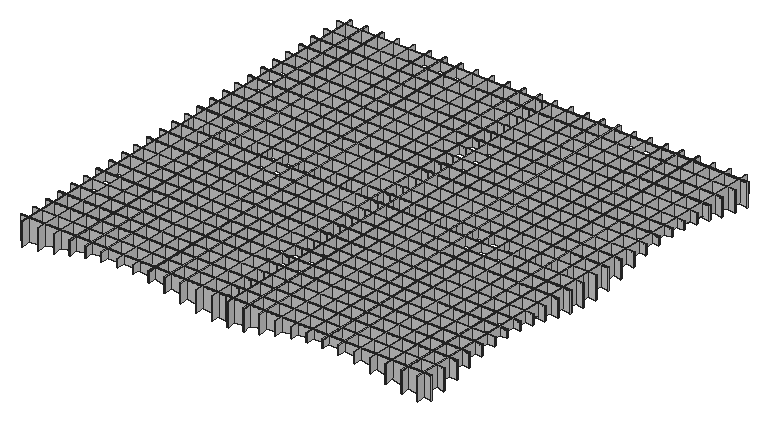
Revit family "CLD-WFL-002_RFA", category Modelos genéricos, Revit 2022 (continued)
Forms (in)
  Extrusion 348, solid
    sketch origin (161.76378, 108, 0) x (0, -1, 0) y (0, 0, 1)
      loop
        spline (29.30922, 3.22908) -> (29.95995, 3.06408) -> (30.61094, 2.90045) -> (31.26223, 2.73848) -> (31.91387, 2.57847) -> (32.56591, 2.42072) -> (33.21841, 2.26553) -> (33.87141, 2.1132) -> (34.52497, 1.96402) -> (35.17914, 1.81831) -> (35.83396, 1.67635) -> (36.48949, 1.53845) -> (37.14578, 1.4049)
        spline (37.14578, 1.4049) -> (37.87194, 1.26645) -> (38.59907, 1.13361) -> (39.32723, 1.00672) -> (40.05647, 0.88609) -> (40.78684, 0.772) -> (41.51831, 0.66448) -> (42.25083, 0.56343) -> (42.98434, 0.46874) -> (43.71879, 0.38032) -> (44.45413, 0.29806) -> (45.19029, 0.22187) -> (45.92722, 0.15163)
        spline (45.92722, 0.15163) -> (46.57816, 0.09849) -> (47.22964, 0.0503) -> (47.88162, 0.00698) -> (48.53404, -0.03156) -> (49.18687, -0.06541) -> (49.84004, -0.09465) -> (50.49352, -0.11938) -> (51.14725, -0.13967) -> (51.80119, -0.15563) -> (52.45529, -0.16732) -> (53.1095, -0.17485) -> (53.76378, -0.1783)
        spline (53.76378, -0.1783) -> (54.49695, -0.17427) -> (55.23005, -0.16567) -> (55.96302, -0.1524) -> (56.69581, -0.13436) -> (57.42837, -0.11145) -> (58.16064, -0.08358) -> (58.89257, -0.05065) -> (59.6241, -0.01255) -> (60.35519, 0.0308) -> (61.08577, 0.07951) -> (61.8158, 0.13367) -> (62.54522, 0.19339)
        spline (62.54522, 0.19339) -> (63.20286, 0.25606) -> (63.85981, 0.32405) -> (64.51602, 0.39745) -> (65.17144, 0.47635) -> (65.82603, 0.56084) -> (66.47973, 0.65101) -> (67.1325, 0.74696) -> (67.78428, 0.84876) -> (68.43505, 0.95641) -> (69.08486, 1.06964) -> (69.73376, 1.18818) -> (70.38178, 1.31173)
        spline (70.38178, 1.31173) -> (71.11718, 1.46086) -> (71.85174, 1.61486) -> (72.58551, 1.77342) -> (73.31855, 1.93618) -> (74.05091, 2.10281) -> (74.78265, 2.27299) -> (75.51382, 2.44637) -> (76.24449, 2.62262) -> (76.97471, 2.8014) -> (77.70453, 2.98238) -> (78.43402, 3.16522) -> (79.16322, 3.34958)
        spline (79.16322, 3.34958) -> (79.81589, 3.5168) -> (80.46845, 3.68457) -> (81.12094, 3.85259) -> (81.77342, 4.02055) -> (82.42595, 4.18815) -> (83.07858, 4.35509) -> (83.73137, 4.52107) -> (84.38439, 4.68578) -> (85.03768, 4.84892) -> (85.6913, 5.01019) -> (86.34531, 5.16929) -> (86.99978, 5.32592)
        spline (86.99978, 5.32592) -> (87.72678, 5.49371) -> (88.45445, 5.65788) -> (89.18284, 5.8181) -> (89.91202, 5.97405) -> (90.64205, 6.12539) -> (91.37299, 6.27179) -> (92.10491, 6.41294) -> (92.83786, 6.54849) -> (93.57191, 6.67812) -> (94.30713, 6.8015) -> (95.04356, 6.9183) -> (95.78122, 7.02841)
        spline (95.78122, 7.02841) -> (96.43065, 7.11563) -> (97.08095, 7.1973) -> (97.73207, 7.2735) -> (98.38393, 7.34432) -> (99.03648, 7.40985) -> (99.68963, 7.47018) -> (100.34334, 7.52539) -> (100.99753, 7.57558) -> (101.65213, 7.62083) -> (102.30709, 7.66123) -> (102.96233, 7.69687) -> (103.61778, 7.72784)
        spline (103.61778, 7.72784) -> (103.98301, 7.74223) -> (104.34826, 7.75539) -> (104.71352, 7.76731) -> (105.07879, 7.77803) -> (105.44406, 7.78753) -> (105.80931, 7.79585) -> (106.17453, 7.80299) -> (106.53973, 7.80897) -> (106.90488, 7.81379) -> (107.26998, 7.81746) -> (107.63503, 7.82001) -> (108, 7.82144)
        line (108, 7.82144) -> (108, 11.82144)
    from -0.47244 to 0
  Extrusion 349, solid
    sketch origin (162.23622, 108, 0) x (0, -1, 0) y (0, 0, 1)
      loop
        line (108, 11.82144) -> (0, 11.82144) -> (0, 7.82144)
        spline (0, 7.82144) -> (0.32561, 7.82095) -> (0.65129, 7.81946) -> (0.97702, 7.81696) -> (1.3028, 7.81344) -> (1.62862, 7.80889) -> (1.95447, 7.8033) -> (2.28035, 7.79666) -> (2.60624, 7.78896) -> (2.93213, 7.78018) -> (3.25803, 7.77032) -> (3.58391, 7.75937) -> (3.90978, 7.74731)
        spline (3.90978, 7.74731) -> (4.64427, 7.71242) -> (5.37852, 7.6723) -> (6.11245, 7.62684) -> (6.84598, 7.57595) -> (7.57905, 7.51952) -> (8.31158, 7.45747) -> (9.04349, 7.38968) -> (9.77471, 7.31607) -> (10.50517, 7.23653) -> (11.23479, 7.15095) -> (11.9635, 7.05926) -> (12.69122, 6.96133)
        spline (12.69122, 6.96133) -> (13.34952, 6.86267) -> (14.00673, 6.75803) -> (14.66285, 6.64752) -> (15.31792, 6.53144) -> (15.97202, 6.41007) -> (16.62518, 6.28371) -> (17.27747, 6.15266) -> (17.92894, 6.0172) -> (18.57965, 5.87763) -> (19.22966, 5.73424) -> (19.87902, 5.58733) -> (20.52778, 5.43719)
        spline (20.52778, 5.43719) -> (21.26115, 5.26223) -> (21.99402, 5.08449) -> (22.72645, 4.90432) -> (23.4585, 4.72204) -> (24.19025, 4.53802) -> (24.92176, 4.35257) -> (25.65308, 4.16604) -> (26.38429, 3.97878) -> (27.11545, 3.79111) -> (27.84661, 3.60337) -> (28.57785, 3.41592) -> (29.30922, 3.22908)
        spline (29.30922, 3.22908) -> (29.95995, 3.06408) -> (30.61094, 2.90045) -> (31.26223, 2.73848) -> (31.91387, 2.57847) -> (32.56591, 2.42072) -> (33.21841, 2.26553) -> (33.87141, 2.1132) -> (34.52497, 1.96402) -> (35.17914, 1.81831) -> (35.83396, 1.67635) -> (36.48949, 1.53845) -> (37.14578, 1.4049)
        spline (37.14578, 1.4049) -> (37.87194, 1.26645) -> (38.59907, 1.13361) -> (39.32723, 1.00672) -> (40.05647, 0.88609) -> (40.78684, 0.772) -> (41.51831, 0.66448) -> (42.25083, 0.56343) -> (42.98434, 0.46874) -> (43.71879, 0.38032) -> (44.45413, 0.29806) -> (45.19029, 0.22187) -> (45.92722, 0.15163)
        spline (45.92722, 0.15163) -> (46.57816, 0.09849) -> (47.22964, 0.0503) -> (47.88162, 0.00698) -> (48.53404, -0.03156) -> (49.18687, -0.06541) -> (49.84004, -0.09465) -> (50.49352, -0.11938) -> (51.14725, -0.13967) -> (51.80119, -0.15563) -> (52.45529, -0.16732) -> (53.1095, -0.17485) -> (53.76378, -0.1783)
        spline (53.76378, -0.1783) -> (54.49695, -0.17427) -> (55.23005, -0.16567) -> (55.96302, -0.1524) -> (56.69581, -0.13436) -> (57.42837, -0.11145) -> (58.16064, -0.08358) -> (58.89257, -0.05065) -> (59.6241, -0.01255) -> (60.35519, 0.0308) -> (61.08577, 0.07951) -> (61.8158, 0.13367) -> (62.54522, 0.19339)
        spline (62.54522, 0.19339) -> (63.20286, 0.25606) -> (63.85981, 0.32405) -> (64.51602, 0.39745) -> (65.17144, 0.47635) -> (65.82603, 0.56084) -> (66.47973, 0.65101) -> (67.1325, 0.74696) -> (67.78428, 0.84876) -> (68.43505, 0.95641) -> (69.08486, 1.06964) -> (69.73376, 1.18818) -> (70.38178, 1.31173)
        spline (70.38178, 1.31173) -> (71.11718, 1.46086) -> (71.85174, 1.61486) -> (72.58551, 1.77342) -> (73.31855, 1.93618) -> (74.05091, 2.10281) -> (74.78265, 2.27299) -> (75.51382, 2.44637) -> (76.24449, 2.62262) -> (76.97471, 2.8014) -> (77.70453, 2.98238) -> (78.43402, 3.16522) -> (79.16322, 3.34958)
        spline (79.16322, 3.34958) -> (79.81589, 3.5168) -> (80.46845, 3.68457) -> (81.12094, 3.85259) -> (81.77342, 4.02055) -> (82.42595, 4.18815) -> (83.07858, 4.35509) -> (83.73137, 4.52107) -> (84.38439, 4.68578) -> (85.03768, 4.84892) -> (85.6913, 5.01019) -> (86.34531, 5.16929) -> (86.99978, 5.32592)
        spline (86.99978, 5.32592) -> (87.72678, 5.49371) -> (88.45445, 5.65788) -> (89.18284, 5.8181) -> (89.91202, 5.97405) -> (90.64205, 6.12539) -> (91.37299, 6.27179) -> (92.10491, 6.41294) -> (92.83786, 6.54849) -> (93.57191, 6.67812) -> (94.30713, 6.8015) -> (95.04356, 6.9183) -> (95.78122, 7.02841)
        spline (95.78122, 7.02841) -> (96.43065, 7.11563) -> (97.08095, 7.1973) -> (97.73207, 7.2735) -> (98.38393, 7.34432) -> (99.03648, 7.40985) -> (99.68963, 7.47018) -> (100.34334, 7.52539) -> (100.99753, 7.57558) -> (101.65213, 7.62083) -> (102.30709, 7.66123) -> (102.96233, 7.69687) -> (103.61778, 7.72784)
        spline (103.61778, 7.72784) -> (103.98301, 7.74223) -> (104.34826, 7.75539) -> (104.71352, 7.76731) -> (105.07879, 7.77803) -> (105.44406, 7.78753) -> (105.80931, 7.79585) -> (106.17453, 7.80299) -> (106.53973, 7.80897) -> (106.90488, 7.81379) -> (107.26998, 7.81746) -> (107.63503, 7.82001) -> (108, 7.82144)
        line (108, 7.82144) -> (108, 11.82144)
    from -0.11811 to 0
  Extrusion 350, solid
    sketch origin (153.92722, 108, 0) x (0, -1, 0) y (0, 0, 1)
      loop
        line (108, 11.82144) -> (0, 11.82144) -> (0, 7.49745)
        spline (0, 7.49745) -> (0.32561, 7.50061) -> (0.65129, 7.5028) -> (0.97702, 7.504) -> (1.3028, 7.50421) -> (1.62862, 7.5034) -> (1.95447, 7.50158) -> (2.28035, 7.49874) -> (2.60624, 7.49485) -> (2.93213, 7.48991) -> (3.25803, 7.48392) -> (3.58391, 7.47685) -> (3.90978, 7.46871)
        spline (3.90978, 7.46871) -> (4.64427, 7.44283) -> (5.37852, 7.41184) -> (6.11245, 7.37564) -> (6.84598, 7.33415) -> (7.57905, 7.28726) -> (8.31158, 7.23488) -> (9.04349, 7.17692) -> (9.77471, 7.11327) -> (10.50517, 7.04386) -> (11.23479, 6.96857) -> (11.9635, 6.88732) -> (12.69122, 6.80001)
        spline (12.69122, 6.80001) -> (13.34456, 6.71191) -> (13.99682, 6.61804) -> (14.64799, 6.5185) -> (15.29813, 6.41358) -> (15.94729, 6.30354) -> (16.59553, 6.18867) -> (17.2429, 6.06925) -> (17.88946, 5.94556) -> (18.53527, 5.81787) -> (19.18038, 5.68647) -> (19.82484, 5.55162) -> (20.46871, 5.41362)
        spline (20.46871, 5.41362) -> (21.20701, 5.25043) -> (21.94481, 5.08446) -> (22.68216, 4.91603) -> (23.41914, 4.74548) -> (24.15581, 4.57314) -> (24.89224, 4.39932) -> (25.62848, 4.22436) -> (26.36461, 4.04857) -> (27.10068, 3.8723) -> (27.83677, 3.69586) -> (28.57293, 3.51959) -> (29.30922, 3.3438)
        spline (29.30922, 3.3438) -> (29.95995, 3.18922) -> (30.61094, 3.03586) -> (31.26223, 2.884) -> (31.91387, 2.73392) -> (32.56591, 2.58591) -> (33.21841, 2.44027) -> (33.87141, 2.29726) -> (34.52497, 2.15719) -> (35.17914, 2.02034) -> (35.83396, 1.88699) -> (36.48949, 1.75744) -> (37.14578, 1.63196)
        spline (37.14578, 1.63196) -> (37.87194, 1.50186) -> (38.59907, 1.37703) -> (39.32723, 1.25779) -> (40.05647, 1.14445) -> (40.78684, 1.03728) -> (41.51831, 0.93629) -> (42.25083, 0.84139) -> (42.98434, 0.75249) -> (43.71879, 0.66948) -> (44.45413, 0.59228) -> (45.19029, 0.52078) -> (45.92722, 0.45488)
        spline (45.92722, 0.45488) -> (46.57816, 0.40504) -> (47.22964, 0.35985) -> (47.88162, 0.31924) -> (48.53404, 0.28312) -> (49.18687, 0.2514) -> (49.84004, 0.224) -> (50.49352, 0.20084) -> (51.14725, 0.18183) -> (51.80119, 0.1669) -> (52.45529, 0.15595) -> (53.1095, 0.14891) -> (53.76378, 0.14568)
        spline (53.76378, 0.14568) -> (54.49695, 0.14945) -> (55.23005, 0.1575) -> (55.96302, 0.16993) -> (56.69581, 0.18682) -> (57.42837, 0.20828) -> (58.16064, 0.23439) -> (58.89257, 0.26525) -> (59.6241, 0.30095) -> (60.35518, 0.34158) -> (61.08577, 0.38725) -> (61.8158, 0.43804) -> (62.54522, 0.49405)
        spline (62.54522, 0.49405) -> (63.20286, 0.55285) -> (63.85981, 0.61666) -> (64.51602, 0.68555) -> (65.17144, 0.75961) -> (65.82603, 0.83894) -> (66.47973, 0.92362) -> (67.1325, 1.01374) -> (67.78428, 1.10938) -> (68.43505, 1.21052) -> (69.08486, 1.31692) -> (69.73376, 1.42831) -> (70.38178, 1.54441)
        spline (70.38178, 1.54441) -> (71.11719, 1.68452) -> (71.85174, 1.82919) -> (72.58551, 1.97812) -> (73.31855, 2.13097) -> (74.05091, 2.28743) -> (74.78265, 2.44718) -> (75.51383, 2.60988) -> (76.24449, 2.77524) -> (76.97471, 2.94291) -> (77.70453, 3.11258) -> (78.43402, 3.28394) -> (79.16322, 3.45665)
        spline (79.16322, 3.45665) -> (79.81589, 3.61318) -> (80.46845, 3.77015) -> (81.12094, 3.92726) -> (81.77342, 4.08422) -> (82.42595, 4.24075) -> (83.07858, 4.39655) -> (83.73137, 4.55134) -> (84.38439, 4.70482) -> (85.03768, 4.85671) -> (85.6913, 5.00672) -> (86.34531, 5.15455) -> (86.99978, 5.29992)
        spline (86.99978, 5.29992) -> (87.72678, 5.4553) -> (88.45445, 5.60712) -> (89.18284, 5.75506) -> (89.91202, 5.8988) -> (90.64204, 6.03803) -> (91.37299, 6.17243) -> (92.1049, 6.3017) -> (92.83786, 6.42551) -> (93.57191, 6.54354) -> (94.30712, 6.6555) -> (95.04356, 6.76106) -> (95.78122, 6.8601)
        spline (95.78122, 6.8601) -> (96.43065, 6.93786) -> (97.08095, 7.01021) -> (97.73207, 7.07724) -> (98.38393, 7.13903) -> (99.03648, 7.19567) -> (99.68963, 7.24723) -> (100.34334, 7.29382) -> (100.99753, 7.33551) -> (101.65213, 7.37238) -> (102.30709, 7.40452) -> (102.96233, 7.43202) -> (103.61778, 7.45496)
        spline (103.61778, 7.45496) -> (103.98301, 7.46494) -> (104.34826, 7.47372) -> (104.71353, 7.4813) -> (105.0788, 7.48768) -> (105.44406, 7.4929) -> (105.80931, 7.49695) -> (106.17454, 7.49984) -> (106.53973, 7.5016) -> (106.90488, 7.50223) -> (107.26998, 7.50173) -> (107.63503, 7.50014) -> (108, 7.49745)
        line (108, 7.49745) -> (108, 11.82144)
    from -0.11811 to 0
  Extrusion 351, solid
    sketch origin (145.61822, 108, 0) x (0, -1, 0) y (0, 0, 1)
      loop
        line (108, 11.82144) -> (0, 11.82144) -> (0, 6.40455)
        spline (0, 6.40455) -> (0.32561, 6.42139) -> (0.65129, 6.43729) -> (0.97702, 6.45226) -> (1.3028, 6.46628) -> (1.62862, 6.47935) -> (1.95447, 6.49146) -> (2.28035, 6.50259) -> (2.60624, 6.51274) -> (2.93213, 6.52189) -> (3.25803, 6.53005) -> (3.58391, 6.5372) -> (3.90978, 6.54334)
        spline (3.90978, 6.54334) -> (4.64427, 6.55011) -> (5.37852, 6.55208) -> (6.11244, 6.54917) -> (6.84598, 6.5413) -> (7.57905, 6.52839) -> (8.31157, 6.51035) -> (9.04349, 6.4871) -> (9.77471, 6.45856) -> (10.50517, 6.42465) -> (11.23479, 6.38528) -> (11.9635, 6.34038) -> (12.69122, 6.28985)
        spline (12.69122, 6.28985) -> (13.34952, 6.23514) -> (14.00673, 6.17505) -> (14.66285, 6.10968) -> (15.31792, 6.03926) -> (15.97202, 5.96405) -> (16.62518, 5.88427) -> (17.27747, 5.80017) -> (17.92894, 5.712) -> (18.57965, 5.62) -> (19.22966, 5.52441) -> (19.87902, 5.42547) -> (20.52778, 5.32343)
        spline (20.52778, 5.32343) -> (21.26115, 5.20293) -> (21.99402, 5.07965) -> (22.72645, 4.95385) -> (23.4585, 4.82583) -> (24.19025, 4.69586) -> (24.92176, 4.56423) -> (25.65308, 4.43121) -> (26.38429, 4.29709) -> (27.11544, 4.16214) -> (27.84661, 4.02665) -> (28.57785, 3.8909) -> (29.30922, 3.75516)
        spline (29.30922, 3.75516) -> (29.95995, 3.63466) -> (30.61094, 3.51485) -> (31.26223, 3.39599) -> (31.91387, 3.2783) -> (32.56591, 3.16206) -> (33.21841, 3.04749) -> (33.87141, 2.93486) -> (34.52497, 2.8244) -> (35.17914, 2.71637) -> (35.83396, 2.61101) -> (36.48949, 2.50857) -> (37.14578, 2.4093)
        spline (37.14578, 2.4093) -> (37.87194, 2.30632) -> (38.59907, 2.20751) -> (39.32723, 2.11315) -> (40.05647, 2.02349) -> (40.78684, 1.93878) -> (41.51831, 1.85902) -> (42.25083, 1.78415) -> (42.98434, 1.71406) -> (43.71879, 1.64869) -> (44.45413, 1.58794) -> (45.19029, 1.53174) -> (45.92722, 1.47999)
        spline (45.92722, 1.47999) -> (46.57816, 1.44092) -> (47.22964, 1.40553) -> (47.88162, 1.37376) -> (48.53404, 1.34552) -> (49.18687, 1.32076) -> (49.84004, 1.2994) -> (50.49352, 1.28136) -> (51.14725, 1.26658) -> (51.80119, 1.25497) -> (52.45529, 1.24648) -> (53.1095, 1.24101) -> (53.76378, 1.23852)
        spline (53.76378, 1.23852) -> (54.49695, 1.24145) -> (55.23005, 1.2477) -> (55.96302, 1.25736) -> (56.69581, 1.2705) -> (57.42836, 1.2872) -> (58.16063, 1.30755) -> (58.89256, 1.33163) -> (59.62409, 1.35951) -> (60.35518, 1.39128) -> (61.08577, 1.42702) -> (61.8158, 1.46681) -> (62.54522, 1.51073)
        spline (62.54522, 1.51073) -> (63.20286, 1.5569) -> (63.85981, 1.60706) -> (64.51602, 1.66127) -> (65.17144, 1.7196) -> (65.82603, 1.78214) -> (66.47973, 1.84896) -> (67.1325, 1.92013) -> (67.78428, 1.99572) -> (68.43505, 2.07573) -> (69.08486, 2.15994) -> (69.73376, 2.24811) -> (70.38178, 2.34001)
        spline (70.38178, 2.34001) -> (71.11719, 2.45082) -> (71.85175, 2.56518) -> (72.58552, 2.6828) -> (73.31856, 2.80343) -> (74.05092, 2.92677) -> (74.78266, 3.05256) -> (75.51384, 3.1805) -> (76.2445, 3.31033) -> (76.97472, 3.44177) -> (77.70454, 3.57454) -> (78.43402, 3.70836) -> (79.16322, 3.84296)
        spline (79.16322, 3.84296) -> (79.81589, 3.96449) -> (80.46845, 4.08604) -> (81.12094, 4.20735) -> (81.77342, 4.32817) -> (82.42595, 4.44826) -> (83.07858, 4.56736) -> (83.73137, 4.68523) -> (84.38439, 4.80161) -> (85.03768, 4.91625) -> (85.6913, 5.02891) -> (86.34531, 5.13933) -> (86.99978, 5.24726)
        spline (86.99978, 5.24726) -> (87.72678, 5.36123) -> (88.45444, 5.47173) -> (89.18283, 5.57848) -> (89.91201, 5.68121) -> (90.64203, 5.77964) -> (91.37298, 5.87351) -> (92.10489, 5.96254) -> (92.83785, 6.04646) -> (93.5719, 6.125) -> (94.30712, 6.19789) -> (95.04356, 6.26486) -> (95.78122, 6.32579)
        spline (95.78122, 6.32579) -> (96.46987, 6.37175) -> (97.15943, 6.41238) -> (97.84985, 6.44778) -> (98.54104, 6.47801) -> (99.23294, 6.50316) -> (99.92548, 6.5233) -> (100.61859, 6.53851) -> (101.3122, 6.54886) -> (102.00624, 6.55445) -> (102.70063, 6.55534) -> (103.39532, 6.55161) -> (104.09022, 6.54334)
        spline (104.09022, 6.54334) -> (104.41609, 6.5372) -> (104.74197, 6.53005) -> (105.06787, 6.52189) -> (105.39376, 6.51274) -> (105.71965, 6.50259) -> (106.04553, 6.49146) -> (106.37138, 6.47935) -> (106.6972, 6.46628) -> (107.02298, 6.45226) -> (107.34871, 6.43729) -> (107.67439, 6.42139) -> (108, 6.40455)
        line (108, 6.40455) -> (108, 11.82144)
    from -0.11811 to 0
  Extrusion 352, solid
    sketch origin (137.30922, 108, 0) x (0, -1, 0) y (0, 0, 1)
      loop
        line (108, 11.82144) -> (0, 11.82144) -> (0, 4.58891)
        spline (0, 4.58891) -> (0.32561, 4.62796) -> (0.65129, 4.66617) -> (0.97702, 4.70353) -> (1.3028, 4.74004) -> (1.62862, 4.77569) -> (1.95447, 4.81048) -> (2.28035, 4.84439) -> (2.60624, 4.87743) -> (2.93213, 4.90957) -> (3.25803, 4.94083) -> (3.58391, 4.97119) -> (3.90978, 5.00064)
        spline (3.90978, 5.00064) -> (4.64427, 5.06081) -> (5.37851, 5.11675) -> (6.11244, 5.16838) -> (6.84597, 5.21566) -> (7.57904, 5.25851) -> (8.31157, 5.29688) -> (9.04348, 5.33072) -> (9.7747, 5.35995) -> (10.50516, 5.38452) -> (11.23478, 5.40437) -> (11.96349, 5.41944) -> (12.69122, 5.42966)
        spline (12.69122, 5.42966) -> (13.34952, 5.43128) -> (14.00673, 5.42829) -> (14.66285, 5.42076) -> (15.31792, 5.40886) -> (15.97202, 5.39278) -> (16.62518, 5.37269) -> (17.27747, 5.34877) -> (17.92894, 5.32119) -> (18.57965, 5.29014) -> (19.22966, 5.2558) -> (19.87902, 5.21833) -> (20.52778, 5.17793)
        spline (20.52778, 5.17793) -> (21.26115, 5.12722) -> (21.99402, 5.0737) -> (22.72645, 5.01759) -> (23.45851, 4.95908) -> (24.19025, 4.89838) -> (24.92176, 4.8357) -> (25.65308, 4.77124) -> (26.38429, 4.70521) -> (27.11544, 4.63782) -> (27.84661, 4.56926) -> (28.57785, 4.49975) -> (29.30922, 4.42949)
        spline (29.30922, 4.42949) -> (29.95995, 4.366) -> (30.61094, 4.30234) -> (31.26223, 4.2387) -> (31.91387, 4.17525) -> (32.56591, 4.11218) -> (33.21841, 4.04966) -> (33.87141, 3.98789) -> (34.52497, 3.92703) -> (35.17914, 3.86728) -> (35.83396, 3.80881) -> (36.48949, 3.75181) -> (37.14578, 3.69645)
        spline (37.14578, 3.69645) -> (37.87194, 3.63892) -> (38.59907, 3.58371) -> (39.32723, 3.53102) -> (40.05647, 3.48105) -> (40.78684, 3.43397) -> (41.51831, 3.38979) -> (42.25083, 3.34845) -> (42.98434, 3.30989) -> (43.7188, 3.27405) -> (44.45413, 3.24086) -> (45.19029, 3.21027) -> (45.92722, 3.18221)
        spline (45.92722, 3.18221) -> (46.57816, 3.16116) -> (47.22964, 3.14217) -> (47.88162, 3.12519) -> (48.53404, 3.11017) -> (49.18687, 3.09705) -> (49.84004, 3.08579) -> (50.49352, 3.07632) -> (51.14725, 3.06859) -> (51.80119, 3.06255) -> (52.45529, 3.05816) -> (53.1095, 3.05535) -> (53.76378, 3.05407)
        spline (53.76378, 3.05407) -> (54.49695, 3.0556) -> (55.23004, 3.05885) -> (55.96301, 3.06387) -> (56.6958, 3.07073) -> (57.42836, 3.07948) -> (58.16062, 3.09019) -> (58.89255, 3.10292) -> (59.62409, 3.11771) -> (60.35517, 3.13464) -> (61.08576, 3.15376) -> (61.81579, 3.17514) -> (62.54522, 3.19882)
        spline (62.54522, 3.19882) -> (63.20286, 3.22386) -> (63.85981, 3.25117) -> (64.51602, 3.28078) -> (65.17144, 3.31277) -> (65.82603, 3.34719) -> (66.47973, 3.38408) -> (67.1325, 3.42351) -> (67.78428, 3.46553) -> (68.43505, 3.51013) -> (69.08486, 3.55715) -> (69.73376, 3.60642) -> (70.38178, 3.65777)
        spline (70.38178, 3.65777) -> (71.1172, 3.71948) -> (71.85176, 3.78304) -> (72.58554, 3.84824) -> (73.31858, 3.91488) -> (74.05094, 3.98275) -> (74.78268, 4.05166) -> (75.51385, 4.12139) -> (76.24452, 4.19176) -> (76.97473, 4.26254) -> (77.70455, 4.33354) -> (78.43403, 4.40456) -> (79.16322, 4.47539)
        spline (79.16322, 4.47539) -> (79.80403, 4.53723) -> (80.44473, 4.59841) -> (81.08536, 4.65876) -> (81.72599, 4.7181) -> (82.36666, 4.77623) -> (83.00743, 4.83299) -> (83.64836, 4.88819) -> (84.28951, 4.94166) -> (84.93093, 4.9932) -> (85.57267, 5.04265) -> (86.21481, 5.08982) -> (86.85738, 5.13453)
        spline (86.85738, 5.13453) -> (87.59614, 5.18092) -> (88.33559, 5.22395) -> (89.07577, 5.26344) -> (89.81676, 5.29917) -> (90.55862, 5.33094) -> (91.30141, 5.35856) -> (92.04519, 5.38181) -> (92.79004, 5.4005) -> (93.53601, 5.41442) -> (94.28316, 5.42338) -> (95.03157, 5.42716) -> (95.78122, 5.4257)
        spline (95.78122, 5.4257) -> (96.43065, 5.41648) -> (97.08095, 5.40294) -> (97.73207, 5.38513) -> (98.38393, 5.36311) -> (99.03648, 5.33693) -> (99.68963, 5.30665) -> (100.34334, 5.27231) -> (100.99753, 5.23398) -> (101.65213, 5.19169) -> (102.30709, 5.14552) -> (102.96233, 5.09551) -> (103.61778, 5.04172)
        spline (103.61778, 5.04172) -> (103.98301, 5.00943) -> (104.34827, 4.97613) -> (104.71354, 4.94182) -> (105.07881, 4.90651) -> (105.44407, 4.8702) -> (105.80932, 4.83291) -> (106.17455, 4.79465) -> (106.53974, 4.75541) -> (106.90489, 4.71521) -> (107.26999, 4.67406) -> (107.63503, 4.63196) -> (108, 4.58891)
        line (108, 4.58891) -> (108, 11.82144)
    from -0.11811 to 0
  Extrusion 353, solid
    sketch origin (129.00022, 108, 0) x (0, -1, 0) y (0, 0, 1)
      loop
        line (108, 11.82144) -> (0, 11.82144) -> (0, 2.55729)
        spline (0, 2.55729) -> (0.32561, 2.61504) -> (0.65129, 2.67215) -> (0.97702, 2.72862) -> (1.3028, 2.78445) -> (1.62862, 2.83963) -> (1.95447, 2.89415) -> (2.28035, 2.94802) -> (2.60624, 3.00123) -> (2.93213, 3.05379) -> (3.25803, 3.10567) -> (3.58391, 3.15689) -> (3.90978, 3.20744)
        spline (3.90978, 3.20744) -> (4.64427, 3.31686) -> (5.37851, 3.42317) -> (6.11243, 3.52634) -> (6.84596, 3.62635) -> (7.57903, 3.72316) -> (8.31156, 3.81675) -> (9.04347, 3.90709) -> (9.77469, 3.99415) -> (10.50515, 4.07789) -> (11.23478, 4.1583) -> (11.96349, 4.23534) -> (12.69122, 4.30898)
        spline (12.69122, 4.30898) -> (13.34952, 4.37039) -> (14.00673, 4.4286) -> (14.66285, 4.48364) -> (15.31792, 4.53559) -> (15.97202, 4.58455) -> (16.62518, 4.63059) -> (17.27747, 4.67381) -> (17.92894, 4.71429) -> (18.57965, 4.75212) -> (19.22966, 4.78738) -> (19.87902, 4.82016) -> (20.52778, 4.85054)
        spline (20.52778, 4.85054) -> (21.26115, 4.88062) -> (21.99402, 4.90823) -> (22.72646, 4.93347) -> (23.45851, 4.95644) -> (24.19026, 4.97724) -> (24.92176, 4.99598) -> (25.65309, 5.01275) -> (26.38429, 5.02764) -> (27.11545, 5.04077) -> (27.84661, 5.05223) -> (28.57785, 5.06211) -> (29.30922, 5.07053)
        spline (29.30922, 5.07053) -> (29.95995, 5.07584) -> (30.61094, 5.08009) -> (31.26223, 5.08336) -> (31.91387, 5.08574) -> (32.56591, 5.08733) -> (33.21841, 5.0882) -> (33.87141, 5.08846) -> (34.52497, 5.08817) -> (35.17914, 5.08744) -> (35.83396, 5.08636) -> (36.48949, 5.085) -> (37.14578, 5.08346)
        spline (37.14578, 5.08346) -> (37.87194, 5.08165) -> (38.59907, 5.0799) -> (39.32723, 5.0783) -> (40.05647, 5.07696) -> (40.78684, 5.07594) -> (41.51831, 5.07527) -> (42.25083, 5.07491) -> (42.98434, 5.07483) -> (43.7188, 5.075) -> (44.45413, 5.07538) -> (45.19029, 5.07596) -> (45.92722, 5.0767)
        spline (45.92722, 5.0767) -> (46.57816, 5.07753) -> (47.22964, 5.07843) -> (47.88162, 5.07937) -> (48.53404, 5.08033) -> (49.18687, 5.08128) -> (49.84004, 5.0822) -> (50.49352, 5.08306) -> (51.14725, 5.08383) -> (51.80119, 5.0845) -> (52.45529, 5.08503) -> (53.1095, 5.0854) -> (53.76378, 5.08558)
        spline (53.76378, 5.08558) -> (54.49695, 5.08542) -> (55.23004, 5.08505) -> (55.96301, 5.0845) -> (56.6958, 5.0838) -> (57.42835, 5.08298) -> (58.16062, 5.08206) -> (58.89255, 5.08107) -> (59.62408, 5.08005) -> (60.35517, 5.07902) -> (61.08576, 5.07801) -> (61.81579, 5.07705) -> (62.54522, 5.07616)
        spline (62.54522, 5.07616) -> (63.20286, 5.07551) -> (63.85981, 5.075) -> (64.51602, 5.07466) -> (65.17144, 5.07452) -> (65.82603, 5.0746) -> (66.47973, 5.07493) -> (67.1325, 5.07554) -> (67.78428, 5.07645) -> (68.43505, 5.07766) -> (69.08486, 5.07909) -> (69.73376, 5.08066) -> (70.38178, 5.08229)
        spline (70.38178, 5.08229) -> (71.1172, 5.08386) -> (71.85177, 5.08523) -> (72.58555, 5.08629) -> (73.31859, 5.08695) -> (74.05095, 5.08712) -> (74.78269, 5.08668) -> (75.51386, 5.08555) -> (76.24453, 5.08362) -> (76.97474, 5.08079) -> (77.70455, 5.07697) -> (78.43403, 5.07206) -> (79.16322, 5.06596)
        spline (79.16322, 5.06596) -> (79.81589, 5.05858) -> (80.46845, 5.04989) -> (81.12094, 5.0398) -> (81.77342, 5.02821) -> (82.42595, 5.01505) -> (83.07858, 5.00022) -> (83.73137, 4.98363) -> (84.38439, 4.9652) -> (85.03768, 4.94483) -> (85.6913, 4.92244) -> (86.34531, 4.89793) -> (86.99978, 4.87123)
        spline (86.99978, 4.87123) -> (87.72677, 4.83707) -> (88.45442, 4.80022) -> (89.18281, 4.7606) -> (89.91198, 4.7181) -> (90.642, 4.67263) -> (91.37294, 4.62408) -> (92.10486, 4.57237) -> (92.83781, 4.5174) -> (93.57187, 4.45907) -> (94.3071, 4.39728) -> (95.04355, 4.33194) -> (95.78122, 4.26301)
        spline (95.78122, 4.26301) -> (96.43065, 4.19725) -> (97.08095, 4.12847) -> (97.73207, 4.05667) -> (98.38393, 3.9819) -> (99.03648, 3.90417) -> (99.68963, 3.82352) -> (100.34334, 3.73996) -> (100.99753, 3.65352) -> (101.65213, 3.56424) -> (102.30709, 3.47213) -> (102.96233, 3.37722) -> (103.61778, 3.27954)
        spline (103.61778, 3.27954) -> (103.98302, 3.22342) -> (104.34828, 3.16655) -> (104.71355, 3.10893) -> (105.07882, 3.05057) -> (105.44409, 2.99146) -> (105.80934, 2.93162) -> (106.17456, 2.87105) -> (106.53976, 2.80974) -> (106.9049, 2.74771) -> (107.27, 2.68496) -> (107.63504, 2.62148) -> (108, 2.55729)
        line (108, 2.55729) -> (108, 11.82144)
    from -0.11811 to 0
  Extrusion 354, solid
    sketch origin (120.69122, 108, 0) x (0, -1, 0) y (0, 0, 1)
      loop
        line (108, 11.82144) -> (0, 11.82144) -> (0, 0.88375)
        spline (0, 0.88375) -> (0.32561, 0.94348) -> (0.65129, 1.00296) -> (0.97702, 1.06219) -> (1.3028, 1.12116) -> (1.62862, 1.1799) -> (1.95447, 1.23838) -> (2.28035, 1.29662) -> (2.60624, 1.35462) -> (2.93213, 1.41237) -> (3.25803, 1.46988) -> (3.58391, 1.52715) -> (3.90978, 1.58418)
        spline (3.90978, 1.58418) -> (4.64426, 1.71122) -> (5.37851, 1.8372) -> (6.11243, 1.96212) -> (6.84596, 2.086) -> (7.57903, 2.20885) -> (8.31155, 2.33067) -> (9.04347, 2.45149) -> (9.77469, 2.57131) -> (10.50515, 2.69014) -> (11.23478, 2.80798) -> (11.96349, 2.92486) -> (12.69122, 3.04079)
        spline (12.69122, 3.04079) -> (13.34952, 3.14441) -> (14.00673, 3.24717) -> (14.66285, 3.34906) -> (15.31792, 3.45005) -> (15.97202, 3.55011) -> (16.62518, 3.64921) -> (17.27747, 3.74732) -> (17.92894, 3.8444) -> (18.57965, 3.94043) -> (19.22966, 4.03537) -> (19.87902, 4.12919) -> (20.52778, 4.22187)
        spline (20.52778, 4.22187) -> (21.26116, 4.32437) -> (21.99403, 4.42546) -> (22.72646, 4.52511) -> (23.45852, 4.62328) -> (24.19027, 4.71993) -> (24.92177, 4.81503) -> (25.6531, 4.90854) -> (26.3843, 5.00042) -> (27.11545, 5.09065) -> (27.84662, 5.17918) -> (28.57786, 5.26598) -> (29.30922, 5.35101)
        spline (29.30922, 5.35101) -> (29.95995, 5.42391) -> (30.61094, 5.49516) -> (31.26223, 5.56472) -> (31.91387, 5.63257) -> (32.56591, 5.69867) -> (33.21841, 5.763) -> (33.87141, 5.82551) -> (34.52497, 5.88618) -> (35.17914, 5.94498) -> (35.83396, 6.00187) -> (36.48949, 6.05683) -> (37.14578, 6.10982)
        spline (37.14578, 6.10982) -> (37.87194, 6.16453) -> (38.59907, 6.21702) -> (39.32723, 6.26723) -> (40.05647, 6.31514) -> (40.78684, 6.36072) -> (41.51831, 6.40397) -> (42.25083, 6.44489) -> (42.98434, 6.4835) -> (43.71879, 6.51981) -> (44.45413, 6.55383) -> (45.19029, 6.58557) -> (45.92722, 6.61503)
        spline (45.92722, 6.61503) -> (46.57816, 6.6376) -> (47.22964, 6.65822) -> (47.88162, 6.67689) -> (48.53404, 6.69363) -> (49.18687, 6.70845) -> (49.84004, 6.72134) -> (50.49352, 6.73234) -> (51.14725, 6.74143) -> (51.80119, 6.74863) -> (52.45529, 6.75396) -> (53.1095, 6.75742) -> (53.76378, 6.75901)
        spline (53.76378, 6.75901) -> (54.49695, 6.7572) -> (55.23004, 6.75331) -> (55.96301, 6.74732) -> (56.6958, 6.73922) -> (57.42835, 6.72901) -> (58.16062, 6.71667) -> (58.89255, 6.7022) -> (59.62408, 6.68557) -> (60.35517, 6.66679) -> (61.08576, 6.64585) -> (61.81579, 6.62272) -> (62.54522, 6.59741)
        spline (62.54522, 6.59741) -> (63.20286, 6.57112) -> (63.85981, 6.54281) -> (64.51602, 6.51247) -> (65.17144, 6.48008) -> (65.82603, 6.44563) -> (66.47973, 6.40912) -> (67.1325, 6.37054) -> (67.78428, 6.32988) -> (68.43505, 6.28713) -> (69.08486, 6.24233) -> (69.73376, 6.19551) -> (70.38178, 6.14669)
        spline (70.38178, 6.14669) -> (71.1172, 6.08737) -> (71.85177, 6.02584) -> (72.58554, 5.96214) -> (73.31858, 5.89631) -> (74.05094, 5.82838) -> (74.78268, 5.75838) -> (75.51386, 5.68636) -> (76.24452, 5.61234) -> (76.97473, 5.53637) -> (77.70455, 5.45847) -> (78.43403, 5.37869) -> (79.16322, 5.29705)
        spline (79.16322, 5.29705) -> (79.81589, 5.22111) -> (80.46845, 5.14359) -> (81.12094, 5.06452) -> (81.77342, 4.98394) -> (82.42595, 4.90188) -> (83.07858, 4.81837) -> (83.73137, 4.73344) -> (84.38439, 4.64713) -> (85.03768, 4.55947) -> (85.6913, 4.47048) -> (86.34531, 4.3802) -> (86.99978, 4.28866)
        spline (86.99978, 4.28866) -> (87.72677, 4.18488) -> (88.45442, 4.07981) -> (89.1828, 3.97349) -> (89.91197, 3.86595) -> (90.64199, 3.75723) -> (91.37293, 3.64737) -> (92.10485, 3.53639) -> (92.8378, 3.42433) -> (93.57186, 3.31123) -> (94.30709, 3.19712) -> (95.04354, 3.08203) -> (95.78122, 2.96599)
        spline (95.78122, 2.96599) -> (96.4698, 2.85601) -> (97.15931, 2.74512) -> (97.84968, 2.63332) -> (98.54085, 2.52058) -> (99.23273, 2.40692) -> (99.92527, 2.2923) -> (100.61838, 2.17673) -> (101.31201, 2.06019) -> (102.00608, 1.94268) -> (102.70052, 1.82418) -> (103.39525, 1.70469) -> (104.09022, 1.58418)
        spline (104.09022, 1.58418) -> (104.41609, 1.52715) -> (104.74197, 1.46988) -> (105.06787, 1.41237) -> (105.39376, 1.35462) -> (105.71965, 1.29662) -> (106.04553, 1.23838) -> (106.37138, 1.1799) -> (106.6972, 1.12116) -> (107.02298, 1.06219) -> (107.34871, 1.00296) -> (107.67439, 0.94348) -> (108, 0.88375)
        line (108, 0.88375) -> (108, 11.82144)
    from -0.11811 to 0
  Extrusion 355, solid
    sketch origin (169.95467, 108, 0) x (0, -1, 0) y (0, 0, 1)
      loop
        line (108, 11.82144) -> (0, 11.82144) -> (0, 7.49745)
        spline (0, 7.49745) -> (0.32561, 7.50061) -> (0.65129, 7.5028) -> (0.97702, 7.504) -> (1.3028, 7.50421) -> (1.62862, 7.5034) -> (1.95447, 7.50158) -> (2.28035, 7.49874) -> (2.60624, 7.49485) -> (2.93213, 7.48991) -> (3.25803, 7.48392) -> (3.58391, 7.47685) -> (3.90978, 7.46871)
        spline (3.90978, 7.46871) -> (4.64427, 7.44283) -> (5.37852, 7.41184) -> (6.11245, 7.37564) -> (6.84598, 7.33415) -> (7.57905, 7.28726) -> (8.31158, 7.23488) -> (9.04349, 7.17692) -> (9.77471, 7.11327) -> (10.50517, 7.04386) -> (11.23479, 6.96857) -> (11.9635, 6.88732) -> (12.69122, 6.80001)
        spline (12.69122, 6.80001) -> (13.34456, 6.71191) -> (13.99682, 6.61804) -> (14.64799, 6.5185) -> (15.29813, 6.41358) -> (15.94729, 6.30354) -> (16.59553, 6.18867) -> (17.2429, 6.06925) -> (17.88946, 5.94556) -> (18.53527, 5.81787) -> (19.18038, 5.68647) -> (19.82484, 5.55162) -> (20.46871, 5.41362)
        spline (20.46871, 5.41362) -> (21.20701, 5.25043) -> (21.94481, 5.08446) -> (22.68216, 4.91603) -> (23.41914, 4.74548) -> (24.15581, 4.57314) -> (24.89224, 4.39932) -> (25.62848, 4.22436) -> (26.36461, 4.04857) -> (27.10068, 3.8723) -> (27.83677, 3.69586) -> (28.57293, 3.51959) -> (29.30922, 3.3438)
        spline (29.30922, 3.3438) -> (29.95995, 3.18922) -> (30.61094, 3.03586) -> (31.26223, 2.884) -> (31.91387, 2.73392) -> (32.56591, 2.58591) -> (33.21841, 2.44027) -> (33.87141, 2.29726) -> (34.52497, 2.15719) -> (35.17914, 2.02034) -> (35.83396, 1.88699) -> (36.48949, 1.75744) -> (37.14578, 1.63196)
        spline (37.14578, 1.63196) -> (37.87194, 1.50186) -> (38.59907, 1.37703) -> (39.32723, 1.25779) -> (40.05647, 1.14445) -> (40.78684, 1.03728) -> (41.51831, 0.93629) -> (42.25083, 0.84139) -> (42.98434, 0.75249) -> (43.71879, 0.66948) -> (44.45413, 0.59228) -> (45.19029, 0.52078) -> (45.92722, 0.45488)
        spline (45.92722, 0.45488) -> (46.57816, 0.40504) -> (47.22964, 0.35985) -> (47.88162, 0.31924) -> (48.53404, 0.28312) -> (49.18687, 0.2514) -> (49.84004, 0.224) -> (50.49352, 0.20084) -> (51.14725, 0.18183) -> (51.80119, 0.1669) -> (52.45529, 0.15595) -> (53.1095, 0.14891) -> (53.76378, 0.14568)
        spline (53.76378, 0.14568) -> (54.49695, 0.14945) -> (55.23005, 0.1575) -> (55.96302, 0.16993) -> (56.69581, 0.18682) -> (57.42837, 0.20828) -> (58.16064, 0.23439) -> (58.89257, 0.26525) -> (59.6241, 0.30095) -> (60.35518, 0.34158) -> (61.08577, 0.38725) -> (61.8158, 0.43804) -> (62.54522, 0.49405)
        spline (62.54522, 0.49405) -> (63.20286, 0.55285) -> (63.85981, 0.61666) -> (64.51602, 0.68555) -> (65.17144, 0.75961) -> (65.82603, 0.83894) -> (66.47973, 0.92362) -> (67.1325, 1.01374) -> (67.78428, 1.10938) -> (68.43505, 1.21052) -> (69.08486, 1.31692) -> (69.73376, 1.42831) -> (70.38178, 1.54441)
        spline (70.38178, 1.54441) -> (71.11719, 1.68452) -> (71.85174, 1.82919) -> (72.58551, 1.97812) -> (73.31855, 2.13097) -> (74.05091, 2.28743) -> (74.78265, 2.44718) -> (75.51383, 2.60988) -> (76.24449, 2.77524) -> (76.97471, 2.94291) -> (77.70453, 3.11258) -> (78.43402, 3.28394) -> (79.16322, 3.45665)
        spline (79.16322, 3.45665) -> (79.81589, 3.61318) -> (80.46845, 3.77015) -> (81.12094, 3.92726) -> (81.77342, 4.08422) -> (82.42595, 4.24075) -> (83.07858, 4.39655) -> (83.73137, 4.55134) -> (84.38439, 4.70482) -> (85.03768, 4.85671) -> (85.6913, 5.00672) -> (86.34531, 5.15455) -> (86.99978, 5.29992)
        spline (86.99978, 5.29992) -> (87.72678, 5.4553) -> (88.45445, 5.60712) -> (89.18284, 5.75506) -> (89.91202, 5.8988) -> (90.64204, 6.03803) -> (91.37299, 6.17243) -> (92.1049, 6.3017) -> (92.83786, 6.42551) -> (93.57191, 6.54354) -> (94.30712, 6.6555) -> (95.04356, 6.76106) -> (95.78122, 6.8601)
        spline (95.78122, 6.8601) -> (96.43065, 6.93786) -> (97.08095, 7.01021) -> (97.73207, 7.07724) -> (98.38393, 7.13903) -> (99.03648, 7.19567) -> (99.68963, 7.24723) -> (100.34334, 7.29382) -> (100.99753, 7.33551) -> (101.65213, 7.37238) -> (102.30709, 7.40452) -> (102.96233, 7.43202) -> (103.61778, 7.45496)
        spline (103.61778, 7.45496) -> (103.98301, 7.46494) -> (104.34826, 7.47372) -> (104.71353, 7.4813) -> (105.0788, 7.48768) -> (105.44406, 7.4929) -> (105.80931, 7.49695) -> (106.17454, 7.49984) -> (106.53973, 7.5016) -> (106.90488, 7.50223) -> (107.26998, 7.50173) -> (107.63503, 7.50014) -> (108, 7.49745)
        line (108, 7.49745) -> (108, 11.82144)
    from -0.11811 to 0
  Extrusion 356, solid
    sketch origin (170.07278, 108, 0) x (0, -1, 0) y (0, 0, 1)
      loop
        line (108, 11.82144) -> (0, 11.82144) -> (0, 7.49745)
        spline (0, 7.49745) -> (0.32561, 7.50061) -> (0.65129, 7.5028) -> (0.97702, 7.504) -> (1.3028, 7.50421) -> (1.62862, 7.5034) -> (1.95447, 7.50158) -> (2.28035, 7.49874) -> (2.60624, 7.49485) -> (2.93213, 7.48991) -> (3.25803, 7.48392) -> (3.58391, 7.47685) -> (3.90978, 7.46871)
        spline (3.90978, 7.46871) -> (4.64427, 7.44283) -> (5.37852, 7.41184) -> (6.11245, 7.37564) -> (6.84598, 7.33415) -> (7.57905, 7.28726) -> (8.31158, 7.23488) -> (9.04349, 7.17692) -> (9.77471, 7.11327) -> (10.50517, 7.04386) -> (11.23479, 6.96857) -> (11.9635, 6.88732) -> (12.69122, 6.80001)
        spline (12.69122, 6.80001) -> (13.34456, 6.71191) -> (13.99682, 6.61804) -> (14.64799, 6.5185) -> (15.29813, 6.41358) -> (15.94729, 6.30354) -> (16.59553, 6.18867) -> (17.2429, 6.06925) -> (17.88946, 5.94556) -> (18.53527, 5.81787) -> (19.18038, 5.68647) -> (19.82484, 5.55162) -> (20.46871, 5.41362)
        spline (20.46871, 5.41362) -> (21.20701, 5.25043) -> (21.94481, 5.08446) -> (22.68216, 4.91603) -> (23.41914, 4.74548) -> (24.15581, 4.57314) -> (24.89224, 4.39932) -> (25.62848, 4.22436) -> (26.36461, 4.04857) -> (27.10068, 3.8723) -> (27.83677, 3.69586) -> (28.57293, 3.51959) -> (29.30922, 3.3438)
        spline (29.30922, 3.3438) -> (29.95995, 3.18922) -> (30.61094, 3.03586) -> (31.26223, 2.884) -> (31.91387, 2.73392) -> (32.56591, 2.58591) -> (33.21841, 2.44027) -> (33.87141, 2.29726) -> (34.52497, 2.15719) -> (35.17914, 2.02034) -> (35.83396, 1.88699) -> (36.48949, 1.75744) -> (37.14578, 1.63196)
        spline (37.14578, 1.63196) -> (37.87194, 1.50186) -> (38.59907, 1.37703) -> (39.32723, 1.25779) -> (40.05647, 1.14445) -> (40.78684, 1.03728) -> (41.51831, 0.93629) -> (42.25083, 0.84139) -> (42.98434, 0.75249) -> (43.71879, 0.66948) -> (44.45413, 0.59228) -> (45.19029, 0.52078) -> (45.92722, 0.45488)
        spline (45.92722, 0.45488) -> (46.57816, 0.40504) -> (47.22964, 0.35985) -> (47.88162, 0.31924) -> (48.53404, 0.28312) -> (49.18687, 0.2514) -> (49.84004, 0.224) -> (50.49352, 0.20084) -> (51.14725, 0.18183) -> (51.80119, 0.1669) -> (52.45529, 0.15595) -> (53.1095, 0.14891) -> (53.76378, 0.14568)
        spline (53.76378, 0.14568) -> (54.49695, 0.14945) -> (55.23005, 0.1575) -> (55.96302, 0.16993) -> (56.69581, 0.18682) -> (57.42837, 0.20828) -> (58.16064, 0.23439) -> (58.89257, 0.26525) -> (59.6241, 0.30095) -> (60.35518, 0.34158) -> (61.08577, 0.38725) -> (61.8158, 0.43804) -> (62.54522, 0.49405)
        spline (62.54522, 0.49405) -> (63.20286, 0.55285) -> (63.85981, 0.61666) -> (64.51602, 0.68555) -> (65.17144, 0.75961) -> (65.82603, 0.83894) -> (66.47973, 0.92362) -> (67.1325, 1.01374) -> (67.78428, 1.10938) -> (68.43505, 1.21052) -> (69.08486, 1.31692) -> (69.73376, 1.42831) -> (70.38178, 1.54441)
        spline (70.38178, 1.54441) -> (71.11719, 1.68452) -> (71.85174, 1.82919) -> (72.58551, 1.97812) -> (73.31855, 2.13097) -> (74.05091, 2.28743) -> (74.78265, 2.44718) -> (75.51383, 2.60988) -> (76.24449, 2.77524) -> (76.97471, 2.94291) -> (77.70453, 3.11258) -> (78.43402, 3.28394) -> (79.16322, 3.45665)
        spline (79.16322, 3.45665) -> (79.81589, 3.61318) -> (80.46845, 3.77015) -> (81.12094, 3.92726) -> (81.77342, 4.08422) -> (82.42595, 4.24075) -> (83.07858, 4.39655) -> (83.73137, 4.55134) -> (84.38439, 4.70482) -> (85.03768, 4.85671) -> (85.6913, 5.00672) -> (86.34531, 5.15455) -> (86.99978, 5.29992)
        spline (86.99978, 5.29992) -> (87.72678, 5.4553) -> (88.45445, 5.60712) -> (89.18284, 5.75506) -> (89.91202, 5.8988) -> (90.64204, 6.03803) -> (91.37299, 6.17243) -> (92.1049, 6.3017) -> (92.83786, 6.42551) -> (93.57191, 6.54354) -> (94.30712, 6.6555) -> (95.04356, 6.76106) -> (95.78122, 6.8601)
        spline (95.78122, 6.8601) -> (96.43065, 6.93786) -> (97.08095, 7.01021) -> (97.73207, 7.07724) -> (98.38393, 7.13903) -> (99.03648, 7.19567) -> (99.68963, 7.24723) -> (100.34334, 7.29382) -> (100.99753, 7.33551) -> (101.65213, 7.37238) -> (102.30709, 7.40452) -> (102.96233, 7.43202) -> (103.61778, 7.45496)
        spline (103.61778, 7.45496) -> (103.98301, 7.46494) -> (104.34826, 7.47372) -> (104.71353, 7.4813) -> (105.0788, 7.48768) -> (105.44406, 7.4929) -> (105.80931, 7.49695) -> (106.17454, 7.49984) -> (106.53973, 7.5016) -> (106.90488, 7.50223) -> (107.26998, 7.50173) -> (107.63503, 7.50014) -> (108, 7.49745)
        line (108, 7.49745) -> (108, 11.82144)
    from -0.47244 to 0
  Extrusion 357, solid
    sketch origin (170.54522, 108, 0) x (0, -1, 0) y (0, 0, 1)
      loop
        line (108, 11.82144) -> (0, 11.82144) -> (0, 7.49745)
        spline (0, 7.49745) -> (0.32561, 7.50061) -> (0.65129, 7.5028) -> (0.97702, 7.504) -> (1.3028, 7.50421) -> (1.62862, 7.5034) -> (1.95447, 7.50158) -> (2.28035, 7.49874) -> (2.60624, 7.49485) -> (2.93213, 7.48991) -> (3.25803, 7.48392) -> (3.58391, 7.47685) -> (3.90978, 7.46871)
        spline (3.90978, 7.46871) -> (4.64427, 7.44283) -> (5.37852, 7.41184) -> (6.11245, 7.37564) -> (6.84598, 7.33415) -> (7.57905, 7.28726) -> (8.31158, 7.23488) -> (9.04349, 7.17692) -> (9.77471, 7.11327) -> (10.50517, 7.04386) -> (11.23479, 6.96857) -> (11.9635, 6.88732) -> (12.69122, 6.80001)
        spline (12.69122, 6.80001) -> (13.34456, 6.71191) -> (13.99682, 6.61804) -> (14.64799, 6.5185) -> (15.29813, 6.41358) -> (15.94729, 6.30354) -> (16.59553, 6.18867) -> (17.2429, 6.06925) -> (17.88946, 5.94556) -> (18.53527, 5.81787) -> (19.18038, 5.68647) -> (19.82484, 5.55162) -> (20.46871, 5.41362)
        spline (20.46871, 5.41362) -> (21.20701, 5.25043) -> (21.94481, 5.08446) -> (22.68216, 4.91603) -> (23.41914, 4.74548) -> (24.15581, 4.57314) -> (24.89224, 4.39932) -> (25.62848, 4.22436) -> (26.36461, 4.04857) -> (27.10068, 3.8723) -> (27.83677, 3.69586) -> (28.57293, 3.51959) -> (29.30922, 3.3438)
        spline (29.30922, 3.3438) -> (29.95995, 3.18922) -> (30.61094, 3.03586) -> (31.26223, 2.884) -> (31.91387, 2.73392) -> (32.56591, 2.58591) -> (33.21841, 2.44027) -> (33.87141, 2.29726) -> (34.52497, 2.15719) -> (35.17914, 2.02034) -> (35.83396, 1.88699) -> (36.48949, 1.75744) -> (37.14578, 1.63196)
        spline (37.14578, 1.63196) -> (37.87194, 1.50186) -> (38.59907, 1.37703) -> (39.32723, 1.25779) -> (40.05647, 1.14445) -> (40.78684, 1.03728) -> (41.51831, 0.93629) -> (42.25083, 0.84139) -> (42.98434, 0.75249) -> (43.71879, 0.66948) -> (44.45413, 0.59228) -> (45.19029, 0.52078) -> (45.92722, 0.45488)
        spline (45.92722, 0.45488) -> (46.57816, 0.40504) -> (47.22964, 0.35985) -> (47.88162, 0.31924) -> (48.53404, 0.28312) -> (49.18687, 0.2514) -> (49.84004, 0.224) -> (50.49352, 0.20084) -> (51.14725, 0.18183) -> (51.80119, 0.1669) -> (52.45529, 0.15595) -> (53.1095, 0.14891) -> (53.76378, 0.14568)
        spline (53.76378, 0.14568) -> (54.49695, 0.14945) -> (55.23005, 0.1575) -> (55.96302, 0.16993) -> (56.69581, 0.18682) -> (57.42837, 0.20828) -> (58.16064, 0.23439) -> (58.89257, 0.26525) -> (59.6241, 0.30095) -> (60.35518, 0.34158) -> (61.08577, 0.38725) -> (61.8158, 0.43804) -> (62.54522, 0.49405)
        spline (62.54522, 0.49405) -> (63.20286, 0.55285) -> (63.85981, 0.61666) -> (64.51602, 0.68555) -> (65.17144, 0.75961) -> (65.82603, 0.83894) -> (66.47973, 0.92362) -> (67.1325, 1.01374) -> (67.78428, 1.10938) -> (68.43505, 1.21052) -> (69.08486, 1.31692) -> (69.73376, 1.42831) -> (70.38178, 1.54441)
        spline (70.38178, 1.54441) -> (71.11719, 1.68452) -> (71.85174, 1.82919) -> (72.58551, 1.97812) -> (73.31855, 2.13097) -> (74.05091, 2.28743) -> (74.78265, 2.44718) -> (75.51383, 2.60988) -> (76.24449, 2.77524) -> (76.97471, 2.94291) -> (77.70453, 3.11258) -> (78.43402, 3.28394) -> (79.16322, 3.45665)
        spline (79.16322, 3.45665) -> (79.81589, 3.61318) -> (80.46845, 3.77015) -> (81.12094, 3.92726) -> (81.77342, 4.08422) -> (82.42595, 4.24075) -> (83.07858, 4.39655) -> (83.73137, 4.55134) -> (84.38439, 4.70482) -> (85.03768, 4.85671) -> (85.6913, 5.00672) -> (86.34531, 5.15455) -> (86.99978, 5.29992)
        spline (86.99978, 5.29992) -> (87.72678, 5.4553) -> (88.45445, 5.60712) -> (89.18284, 5.75506) -> (89.91202, 5.8988) -> (90.64204, 6.03803) -> (91.37299, 6.17243) -> (92.1049, 6.3017) -> (92.83786, 6.42551) -> (93.57191, 6.54354) -> (94.30712, 6.6555) -> (95.04356, 6.76106) -> (95.78122, 6.8601)
        spline (95.78122, 6.8601) -> (96.43065, 6.93786) -> (97.08095, 7.01021) -> (97.73207, 7.07724) -> (98.38393, 7.13903) -> (99.03648, 7.19567) -> (99.68963, 7.24723) -> (100.34334, 7.29382) -> (100.99753, 7.33551) -> (101.65213, 7.37238) -> (102.30709, 7.40452) -> (102.96233, 7.43202) -> (103.61778, 7.45496)
        spline (103.61778, 7.45496) -> (103.98301, 7.46494) -> (104.34826, 7.47372) -> (104.71353, 7.4813) -> (105.0788, 7.48768) -> (105.44406, 7.4929) -> (105.80931, 7.49695) -> (106.17454, 7.49984) -> (106.53973, 7.5016) -> (106.90488, 7.50223) -> (107.26998, 7.50173) -> (107.63503, 7.50014) -> (108, 7.49745)
        line (108, 7.49745) -> (108, 11.82144)
    from -0.11811 to 0
  Extrusion 358, solid
    sketch origin (178.26367, 108, 0) x (0, -1, 0) y (0, 0, 1)
      loop
        line (108, 11.82144) -> (0, 11.82144) -> (0, 6.40455)
        spline (0, 6.40455) -> (0.32561, 6.42139) -> (0.65129, 6.43729) -> (0.97702, 6.45226) -> (1.3028, 6.46628) -> (1.62862, 6.47935) -> (1.95447, 6.49146) -> (2.28035, 6.50259) -> (2.60624, 6.51274) -> (2.93213, 6.52189) -> (3.25803, 6.53005) -> (3.58391, 6.5372) -> (3.90978, 6.54334)
        spline (3.90978, 6.54334) -> (4.64427, 6.55011) -> (5.37852, 6.55208) -> (6.11244, 6.54917) -> (6.84598, 6.5413) -> (7.57905, 6.52839) -> (8.31157, 6.51035) -> (9.04349, 6.4871) -> (9.77471, 6.45856) -> (10.50517, 6.42465) -> (11.23479, 6.38528) -> (11.9635, 6.34038) -> (12.69122, 6.28985)
        spline (12.69122, 6.28985) -> (13.34952, 6.23514) -> (14.00673, 6.17505) -> (14.66285, 6.10968) -> (15.31792, 6.03926) -> (15.97202, 5.96405) -> (16.62518, 5.88427) -> (17.27747, 5.80017) -> (17.92894, 5.712) -> (18.57965, 5.62) -> (19.22966, 5.52441) -> (19.87902, 5.42547) -> (20.52778, 5.32343)
        spline (20.52778, 5.32343) -> (21.26115, 5.20293) -> (21.99402, 5.07965) -> (22.72645, 4.95385) -> (23.4585, 4.82583) -> (24.19025, 4.69586) -> (24.92176, 4.56423) -> (25.65308, 4.43121) -> (26.38429, 4.29709) -> (27.11544, 4.16214) -> (27.84661, 4.02665) -> (28.57785, 3.8909) -> (29.30922, 3.75516)
        spline (29.30922, 3.75516) -> (29.95995, 3.63466) -> (30.61094, 3.51485) -> (31.26223, 3.39599) -> (31.91387, 3.2783) -> (32.56591, 3.16206) -> (33.21841, 3.04749) -> (33.87141, 2.93486) -> (34.52497, 2.8244) -> (35.17914, 2.71637) -> (35.83396, 2.61101) -> (36.48949, 2.50857) -> (37.14578, 2.4093)
        spline (37.14578, 2.4093) -> (37.87194, 2.30632) -> (38.59907, 2.20751) -> (39.32723, 2.11315) -> (40.05647, 2.02349) -> (40.78684, 1.93878) -> (41.51831, 1.85902) -> (42.25083, 1.78415) -> (42.98434, 1.71406) -> (43.71879, 1.64869) -> (44.45413, 1.58794) -> (45.19029, 1.53174) -> (45.92722, 1.47999)
        spline (45.92722, 1.47999) -> (46.57816, 1.44092) -> (47.22964, 1.40553) -> (47.88162, 1.37376) -> (48.53404, 1.34552) -> (49.18687, 1.32076) -> (49.84004, 1.2994) -> (50.49352, 1.28136) -> (51.14725, 1.26658) -> (51.80119, 1.25497) -> (52.45529, 1.24648) -> (53.1095, 1.24101) -> (53.76378, 1.23852)
        spline (53.76378, 1.23852) -> (54.49695, 1.24145) -> (55.23005, 1.2477) -> (55.96302, 1.25736) -> (56.69581, 1.2705) -> (57.42836, 1.2872) -> (58.16063, 1.30755) -> (58.89256, 1.33163) -> (59.62409, 1.35951) -> (60.35518, 1.39128) -> (61.08577, 1.42702) -> (61.8158, 1.46681) -> (62.54522, 1.51073)
        spline (62.54522, 1.51073) -> (63.20286, 1.5569) -> (63.85981, 1.60706) -> (64.51602, 1.66127) -> (65.17144, 1.7196) -> (65.82603, 1.78214) -> (66.47973, 1.84896) -> (67.1325, 1.92013) -> (67.78428, 1.99572) -> (68.43505, 2.07573) -> (69.08486, 2.15994) -> (69.73376, 2.24811) -> (70.38178, 2.34001)
        spline (70.38178, 2.34001) -> (71.11719, 2.45082) -> (71.85175, 2.56518) -> (72.58552, 2.6828) -> (73.31856, 2.80343) -> (74.05092, 2.92677) -> (74.78266, 3.05256) -> (75.51384, 3.1805) -> (76.2445, 3.31033) -> (76.97472, 3.44177) -> (77.70454, 3.57454) -> (78.43402, 3.70836) -> (79.16322, 3.84296)
        spline (79.16322, 3.84296) -> (79.81589, 3.96449) -> (80.46845, 4.08604) -> (81.12094, 4.20735) -> (81.77342, 4.32817) -> (82.42595, 4.44826) -> (83.07858, 4.56736) -> (83.73137, 4.68523) -> (84.38439, 4.80161) -> (85.03768, 4.91625) -> (85.6913, 5.02891) -> (86.34531, 5.13933) -> (86.99978, 5.24726)
        spline (86.99978, 5.24726) -> (87.72678, 5.36123) -> (88.45444, 5.47173) -> (89.18283, 5.57848) -> (89.91201, 5.68121) -> (90.64203, 5.77964) -> (91.37298, 5.87351) -> (92.10489, 5.96254) -> (92.83785, 6.04646) -> (93.5719, 6.125) -> (94.30712, 6.19789) -> (95.04356, 6.26486) -> (95.78122, 6.32579)
        spline (95.78122, 6.32579) -> (96.46987, 6.37175) -> (97.15943, 6.41238) -> (97.84985, 6.44778) -> (98.54104, 6.47801) -> (99.23294, 6.50316) -> (99.92548, 6.5233) -> (100.61859, 6.53851) -> (101.3122, 6.54886) -> (102.00624, 6.55445) -> (102.70063, 6.55534) -> (103.39532, 6.55161) -> (104.09022, 6.54334)
        spline (104.09022, 6.54334) -> (104.41609, 6.5372) -> (104.74197, 6.53005) -> (105.06787, 6.52189) -> (105.39376, 6.51274) -> (105.71965, 6.50259) -> (106.04553, 6.49146) -> (106.37138, 6.47935) -> (106.6972, 6.46628) -> (107.02298, 6.45226) -> (107.34871, 6.43729) -> (107.67439, 6.42139) -> (108, 6.40455)
        line (108, 6.40455) -> (108, 11.82144)
    from -0.11811 to 0
  Extrusion 359, solid
    sketch origin (178.38178, 108, 0) x (0, -1, 0) y (0, 0, 1)
      loop
        line (108, 11.82144) -> (0, 11.82144) -> (0, 6.40455)
        spline (0, 6.40455) -> (0.32561, 6.42139) -> (0.65129, 6.43729) -> (0.97702, 6.45226) -> (1.3028, 6.46628) -> (1.62862, 6.47935) -> (1.95447, 6.49146) -> (2.28035, 6.50259) -> (2.60624, 6.51274) -> (2.93213, 6.52189) -> (3.25803, 6.53005) -> (3.58391, 6.5372) -> (3.90978, 6.54334)
        spline (3.90978, 6.54334) -> (4.64427, 6.55011) -> (5.37852, 6.55208) -> (6.11244, 6.54917) -> (6.84598, 6.5413) -> (7.57905, 6.52839) -> (8.31157, 6.51035) -> (9.04349, 6.4871) -> (9.77471, 6.45856) -> (10.50517, 6.42465) -> (11.23479, 6.38528) -> (11.9635, 6.34038) -> (12.69122, 6.28985)
        spline (12.69122, 6.28985) -> (13.34952, 6.23514) -> (14.00673, 6.17505) -> (14.66285, 6.10968) -> (15.31792, 6.03926) -> (15.97202, 5.96405) -> (16.62518, 5.88427) -> (17.27747, 5.80017) -> (17.92894, 5.712) -> (18.57965, 5.62) -> (19.22966, 5.52441) -> (19.87902, 5.42547) -> (20.52778, 5.32343)
        spline (20.52778, 5.32343) -> (21.26115, 5.20293) -> (21.99402, 5.07965) -> (22.72645, 4.95385) -> (23.4585, 4.82583) -> (24.19025, 4.69586) -> (24.92176, 4.56423) -> (25.65308, 4.43121) -> (26.38429, 4.29709) -> (27.11544, 4.16214) -> (27.84661, 4.02665) -> (28.57785, 3.8909) -> (29.30922, 3.75516)
        spline (29.30922, 3.75516) -> (29.95995, 3.63466) -> (30.61094, 3.51485) -> (31.26223, 3.39599) -> (31.91387, 3.2783) -> (32.56591, 3.16206) -> (33.21841, 3.04749) -> (33.87141, 2.93486) -> (34.52497, 2.8244) -> (35.17914, 2.71637) -> (35.83396, 2.61101) -> (36.48949, 2.50857) -> (37.14578, 2.4093)
        spline (37.14578, 2.4093) -> (37.87194, 2.30632) -> (38.59907, 2.20751) -> (39.32723, 2.11315) -> (40.05647, 2.02349) -> (40.78684, 1.93878) -> (41.51831, 1.85902) -> (42.25083, 1.78415) -> (42.98434, 1.71406) -> (43.71879, 1.64869) -> (44.45413, 1.58794) -> (45.19029, 1.53174) -> (45.92722, 1.47999)
        spline (45.92722, 1.47999) -> (46.57816, 1.44092) -> (47.22964, 1.40553) -> (47.88162, 1.37376) -> (48.53404, 1.34552) -> (49.18687, 1.32076) -> (49.84004, 1.2994) -> (50.49352, 1.28136) -> (51.14725, 1.26658) -> (51.80119, 1.25497) -> (52.45529, 1.24648) -> (53.1095, 1.24101) -> (53.76378, 1.23852)
        spline (53.76378, 1.23852) -> (54.49695, 1.24145) -> (55.23005, 1.2477) -> (55.96302, 1.25736) -> (56.69581, 1.2705) -> (57.42836, 1.2872) -> (58.16063, 1.30755) -> (58.89256, 1.33163) -> (59.62409, 1.35951) -> (60.35518, 1.39128) -> (61.08577, 1.42702) -> (61.8158, 1.46681) -> (62.54522, 1.51073)
        spline (62.54522, 1.51073) -> (63.20286, 1.5569) -> (63.85981, 1.60706) -> (64.51602, 1.66127) -> (65.17144, 1.7196) -> (65.82603, 1.78214) -> (66.47973, 1.84896) -> (67.1325, 1.92013) -> (67.78428, 1.99572) -> (68.43505, 2.07573) -> (69.08486, 2.15994) -> (69.73376, 2.24811) -> (70.38178, 2.34001)
        spline (70.38178, 2.34001) -> (71.11719, 2.45082) -> (71.85175, 2.56518) -> (72.58552, 2.6828) -> (73.31856, 2.80343) -> (74.05092, 2.92677) -> (74.78266, 3.05256) -> (75.51384, 3.1805) -> (76.2445, 3.31033) -> (76.97472, 3.44177) -> (77.70454, 3.57454) -> (78.43402, 3.70836) -> (79.16322, 3.84296)
        spline (79.16322, 3.84296) -> (79.81589, 3.96449) -> (80.46845, 4.08604) -> (81.12094, 4.20735) -> (81.77342, 4.32817) -> (82.42595, 4.44826) -> (83.07858, 4.56736) -> (83.73137, 4.68523) -> (84.38439, 4.80161) -> (85.03768, 4.91625) -> (85.6913, 5.02891) -> (86.34531, 5.13933) -> (86.99978, 5.24726)
        spline (86.99978, 5.24726) -> (87.72678, 5.36123) -> (88.45444, 5.47173) -> (89.18283, 5.57848) -> (89.91201, 5.68121) -> (90.64203, 5.77964) -> (91.37298, 5.87351) -> (92.10489, 5.96254) -> (92.83785, 6.04646) -> (93.5719, 6.125) -> (94.30712, 6.19789) -> (95.04356, 6.26486) -> (95.78122, 6.32579)
